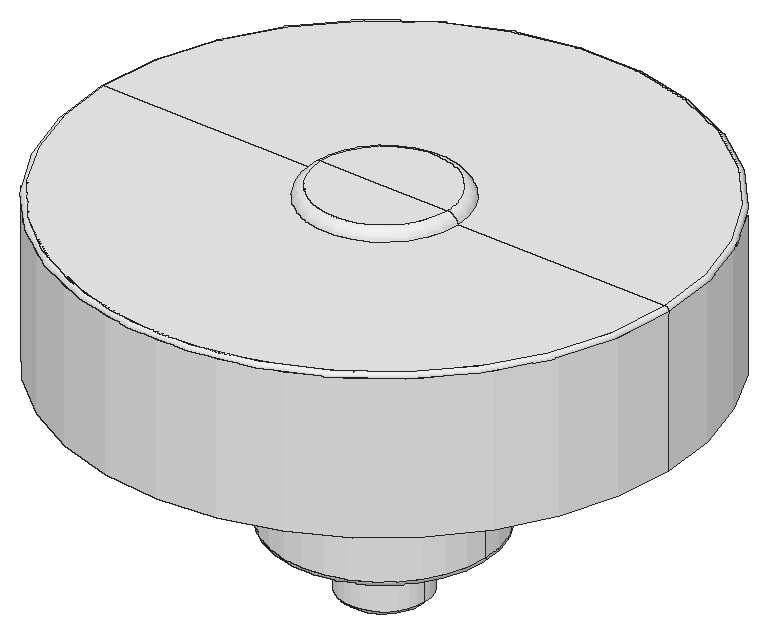
Revit family "Deca_Chuveiro Dream_1976.C.ST_Sem Tubo", category Plumbing Fixtures, host Face, Revit 2010
Parameters (values of type "1976.C.ST_Cromado CR10")
  WFU = 0
  Vendido Separadamente = ""
  Variações de COR = "Cromado (1976.C.ST); Gold (1976.GL.ST)"  # constant formula
  URL = "www.deca.com.br/produtos"
  Segmento = "Luxo"  # constant formula
  Raio Ponto de Agua = 7.5 mm  # constant formula
  Produto = "Chuveiro Dream sem tubo"  # constant formula
  Pressão = "2 A 40 mca"  # constant formula
  Peso Liquido (Kg) = 1.86  # constant formula
  Norma = "ABNT NBR 15206:2005"  # constant formula
  Model = Código  # "1976.C.ST"
  Material = "Deca_Latão Cromado e Plástico de Engenharia"  # constant formula
  Manufacturer = "Deca"  # constant formula
  Louça/Metais = "Metal"  # constant formula
  Linha = "Dream"  # constant formula
  Informações Complementares = "Recomendável com pressão mínima de 6 m.c.a para aquecedor de passagem e de 4 m.c.a. para aquecedor de acumulação."  # constant formula
  HWFU = 0
  Flow Pressure = 0.00 psi
  Diâmetro Ponto de Agua = Raio Ponto de Agua * 2  # 15 mm
  Description = "Chuveiro"  # constant formula
  Default Elevation = 0 mm
  Código = "1976.C.ST"
  Criado por = "Contino/quattroD"  # constant formula
  Consumo = "Varia com a pressão (consultar catálogo)"  # constant formula
  Chuveiro = Deca CR10 Cromado Metal
  CWFU = 0
  Atendimento ao Cliente = "0800-0117075"  # constant formula
  Assembly Code = "D2020"
  Aprovado por = "Contino/quattroD"  # constant formula
  Acompanha o Produto = ""
Types (3, lengths in mm): name | Model | Código | Chuveiro
  (no name) | "1976.C.ST" | "1976.C.ST" | Deca CR10 Cromado Metal
  1976.C.ST_Cromado CR10 | "1976.C.ST" | "1976.C.ST" | Deca CR10 Cromado Metal
  1976.GL.ST_Gold GLD | "1976.GL.ST" | "1976.GL.ST" | Deca GLD Gold Metal
Reference planes
  plane 1 "Center (Front/Back)": y = 0
  plane 2: z = 0
  plane 3 "Center (Left/Right)": x = 0
  plane 4 "Left 1": x = -70.132
  plane 5 "Right 1": x = 70.103
  plane 6 "Front 1": y = -70.117
  plane 7 "Back 1": y = 70.117
  plane 8 "Top 1": z = 89.461
Forms (mm)
  Revolve 1, solid, material "Deca CR10 Cromado Metal" <- "Chuveiro"
    sketch origin (0, 0, 0) x (1, 0, 0) y (0, 0, 1)
      loop
        line (0, 89.461) -> (-15.54, 89.461)
        arc (-15.54, 89.461) -> (-17.144, 88.676) -> (-18.019, 87.121) r 3.005
        line (-18.019, 87.121) -> (-69.116, 87.121)
        arc (-69.116, 87.121) -> (-69.824, 86.827) -> (-70.117, 86.119) r 1.002
        line (-70.117, 86.119) -> (-70.117, 51.06) -> (-25.858, 51.06)
        arc (-25.858, 51.06) -> (-25.289, 50.824) -> (-25.056, 50.255) r 0.801
        line (-25.056, 50.255) -> (-25.056, 16)
        arc (-25.056, 16) -> (-24.763, 15.293) -> (-24.056, 15) r 1
        line (-24.056, 15) -> (-10.014, 15) -> (-10.014, 1) -> (-9.014, 0) -> (0, 0) -> (0, 89.461)
      axis (0, 89.461) -> (0, 0)
    angle from 0 to 360
Lines and regions (mm)
  Masking region 1
    outline origin (-292.155, -37.018, 0) x (1, 0, 0) y (0, 1, 0)
      loop
        circle (292.155, 37.018) r 70.117
  Masking region 2
    outline origin (-272.819, 0, -100.804) x (1, 0, 0) y (0, 0, 1)
      loop
        arc (257.279, 190.266) -> (255.675, 189.481) -> (254.8, 187.925) r 3.005
        line (254.8, 187.925) -> (203.689, 187.925)
        arc (203.689, 187.925) -> (202.981, 187.632) -> (202.687, 186.923) r 1.002
        line (202.687, 186.923) -> (202.687, 151.865) -> (246.961, 151.865)
        arc (246.961, 151.865) -> (247.529, 151.628) -> (247.763, 151.059) r 0.801
        line (247.763, 151.059) -> (247.763, 116.804)
        arc (247.763, 116.804) -> (248.056, 116.097) -> (248.763, 115.804) r 1
        line (248.763, 115.804) -> (262.805, 115.804) -> (262.805, 101.804) -> (263.805, 100.804) -> (281.805, 100.804) -> (282.805, 101.804) -> (282.805, 115.804) -> (296.846, 115.804)
        arc (296.846, 115.804) -> (297.554, 116.097) -> (297.846, 116.804) r 1
        line (297.846, 116.804) -> (297.846, 151.059)
        arc (297.846, 151.059) -> (298.08, 151.628) -> (298.648, 151.865) r 0.801
        line (298.648, 151.865) -> (342.922, 151.865) -> (342.922, 186.923)
        arc (342.922, 186.923) -> (342.628, 187.632) -> (341.92, 187.925) r 1.002
        line (341.92, 187.925) -> (290.809, 187.925)
        arc (290.809, 187.925) -> (289.934, 189.481) -> (288.33, 190.266) r 3.005
        line (288.33, 190.266) -> (257.279, 190.266)
  Masking region 3
    outline origin (0, -243.716, -112.518) x (0, 1, 0) y (0, 0, 1)
      loop
        arc (228.19, 201.979) -> (226.587, 201.194) -> (225.712, 199.638) r 3.005
        line (225.712, 199.638) -> (174.6, 199.638)
        arc (174.6, 199.638) -> (173.892, 199.345) -> (173.599, 198.637) r 1.002
        line (173.599, 198.637) -> (173.599, 163.578) -> (217.873, 163.578)
        arc (217.873, 163.578) -> (218.441, 163.342) -> (218.674, 162.772) r 0.801
        line (218.674, 162.772) -> (218.674, 128.518)
        arc (218.674, 128.518) -> (218.967, 127.811) -> (219.674, 127.518) r 1
        line (219.674, 127.518) -> (233.716, 127.518) -> (233.716, 113.518) -> (234.716, 112.518) -> (252.716, 112.518) -> (253.716, 113.518) -> (253.716, 127.518) -> (267.758, 127.518)
        arc (267.758, 127.518) -> (268.465, 127.811) -> (268.758, 128.518) r 1
        line (268.758, 128.518) -> (268.758, 162.772)
        arc (268.758, 162.772) -> (268.991, 163.342) -> (269.559, 163.578) r 0.801
        line (269.559, 163.578) -> (313.833, 163.578) -> (313.833, 198.637)
        arc (313.833, 198.637) -> (313.54, 199.345) -> (312.832, 199.638) r 1.002
        line (312.832, 199.638) -> (261.72, 199.638)
        arc (261.72, 199.638) -> (260.845, 201.194) -> (259.242, 201.979) r 3.005
        line (259.242, 201.979) -> (228.19, 201.979)
  symbolic lines
    curve 1: circle (0, 0, 0) r 25.843 normal (0, 0, 1)
    curve 2: circle (0, 0, 0) r 10 normal (0, 0, 1)
    curve 3: circle (0, 0, 0) r 9 normal (0, 0, 1)
    curve 4: circle (0, 0, 0) r 24.042 normal (0, 0, 1)
    curve 5: line (-18.019, 0, 87.121) -> (17.99, 0, 87.121)
    curve 6: line (-25.858, 0, 51.06) -> (25.829, 0, 51.06)
    curve 7: line (-25.056, 0, 50.255) -> (24.944, 0, 50.255)
    curve 8: line (-10.014, 0, 15) -> (9.986, 0, 15)
    curve 9: line (-10.014, 0, 1) -> (9.986, 0, 1)
    curve 10: line (0, -18.004, 87.121) -> (0, 18.004, 87.121)
    curve 11: line (0, -25.843, 51.06) -> (0, 26.029, 51.06)
    curve 12: line (0, 25.042, 50.255) -> (0, -25.042, 50.255)
    curve 13: line (0, -10, 15) -> (0, 10, 15)
Dimensions and locks
  plane 4 "Left 1" to plane 5 "Right 1" = 140.235 mm
  plane 7 "Back 1" to plane 6 "Front 1" = 140.235 mm
  plane 5 "Right 1" to plane 4 "Left 1" = 140.235 mm
  plane 8 "Top 1" to host face = 89.461 mm  (x2)
  plane 6 "Front 1" to plane 7 "Back 1" = 140.235 mm
  aligned and locked: host face to plane 2
  aligned and locked: level to host face
Connectors
  piping at (0, 0, 0), driven by "Raio Ponto de Agua", driven by "Flow Pressure"
    settings: on Revolve 1, index 1, connector radius 0.29528", flow factor 0, pipe flow 0 GPM, pressure drop 0.00 psi, fitting loss kfactor 0, connector angle 0.00°, fixture units 0, engagement length 0 mm, flow configuration 3, flow direction 1, fitting loss method 4, system type 29, joint type 0, gender type 0, connector reference index -1, connector utility 0, adjustable connector no, is connector primary yes, fitting loss table "", connector description ""
